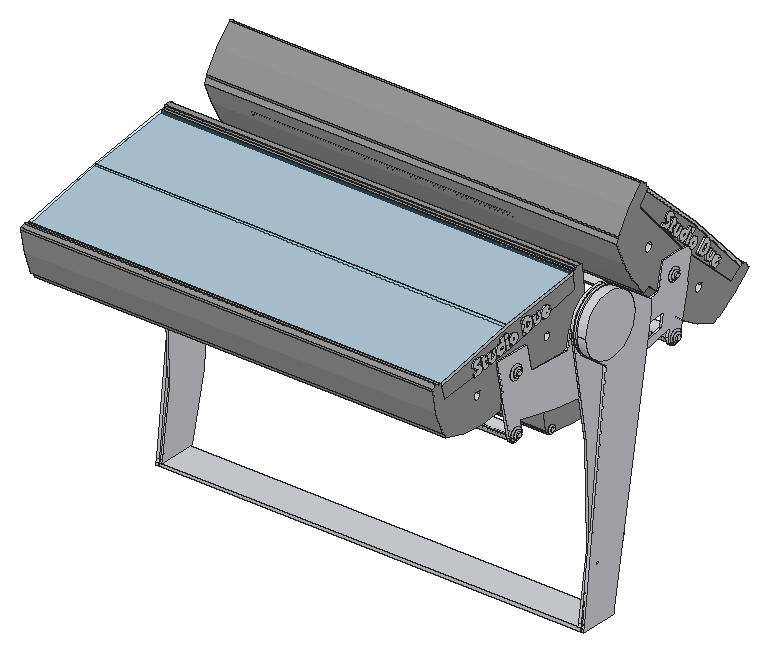
Revit family "STUDIO DUO LIGHT LOD 500", category Lighting Fixtures, host Face, Revit 2018
Family settings
  Host = Face
  Round Connector Dimension = Use Diameter
  Part Type = Normal
  OmniClass Number = 23.80.70.00
  OmniClass Title = Lighting
  Cut with Voids When Loaded = No
  Light Source = No
  Shared = No
  Room Calculation Point = No
Parameters (values of type "LFL4")
  Keynote = "16500"
  Default Elevation = 1219.2 mm
  Assembly Code = "D5020230"
Reference planes
  plane 1 "Center (Front/Back)": y = 0
  plane 2: z = 0
  plane 3 "Center (Left/Right)": x = 0
  plane 4: x = -308
  plane 5: x = 308
  plane 6: x = -294.5
  plane 7: x = 294.5
Forms (mm)
  Extrusion 1, solid
    sketch origin (0, 0, 0) x (0, 1, 0) y (0, 0, 1)
      loop
        circle (0.352, 372) r 41.5
    from 294.5 to 308
  Extrusion 2, solid
    sketch origin (0, 0, 0) x (0, 1, 0) y (0, 0, -1)
      loop
        circle (0.352, -372) r 41.5
    from 294.5 to 308
  Extrusion 3, solid
    sketch origin (0, 0, 0) x (0, 1, 0) y (0, 0, 1)
      loop
        arc (86.587, 343.437) -> (86.846, 347.109) -> (87.071, 350.782) r 392.505
        arc (87.071, 350.782) -> (87.267, 355.633) -> (87.306, 360.488) r 150
        arc (87.306, 360.488) -> (55.979, 384.356) -> (23.697, 406.915) r 957.033
        arc (23.697, 406.915) -> (-34.776, 395.024) -> (-22.35, 336.663) r 42.001
        arc (-22.35, 336.663) -> (-6.325, 325.233) -> (8.751, 312.578) r 250
        arc (8.751, 312.578) -> (-3.001, 159.717) -> (-26.426, 8.205) r 2000
        arc (-26.426, 8.205) -> (-27.011, 6.018) -> (-28.037, 4) r 10.834
        line (-28.037, 4) -> (-28.037, 0) -> (21.419, 0)
        arc (21.419, 0) -> (22.256, 0.762) -> (22.678, 1.813) r 2.538
        line (22.678, 1.813) -> (23.658, 8)
        arc (23.658, 8) -> (62.291, 174.374) -> (86.587, 343.437) r 2000
      loop
        circle (-5.054, 76.5) r 2.55
    from 290.325 to 294.5
  Extrusion 4, solid
    sketch origin (0, 0, 0) x (0, 1, 0) y (0, 0, -1)
      loop
        arc (86.587, -343.437) -> (62.291, -174.374) -> (23.658, -8) r 2000
        line (23.658, -8) -> (22.678, -1.813)
        arc (22.678, -1.813) -> (22.256, -0.762) -> (21.419, 0) r 2.538
        line (21.419, 0) -> (-28.037, 0) -> (-28.037, -4)
        arc (-28.037, -4) -> (-27.011, -6.018) -> (-26.426, -8.205) r 10.834
        arc (-26.426, -8.205) -> (-3.001, -159.717) -> (8.751, -312.578) r 2000
        arc (8.751, -312.578) -> (-6.325, -325.233) -> (-22.35, -336.663) r 250
        arc (-22.35, -336.663) -> (-34.776, -395.024) -> (23.697, -406.915) r 42.001
        arc (23.697, -406.915) -> (55.979, -384.356) -> (87.306, -360.488) r 957.033
        arc (87.306, -360.488) -> (87.267, -355.633) -> (87.071, -350.782) r 150
        arc (87.071, -350.782) -> (86.846, -347.109) -> (86.587, -343.437) r 392.505
      loop
        circle (-5.054, -76.5) r 2.55
    from 290.325 to 294.5
  Extrusion 5, solid
    sketch origin (0, 0, 0) x (0, 1, 0) y (0, 0, 1)
      loop
        arc (-40.443, 362.012) -> (-17.468, 228.255) -> (-13.386, 92.602) r 970
        line (-13.386, 92.602) -> (-26.42, 8.239)
        arc (-26.42, 8.239) -> (-27.004, 6.034) -> (-28.037, 4) r 10.834
        line (-28.037, 4) -> (23.168, 4.907) -> (44.987, 89.434)
        arc (44.987, 89.434) -> (56.373, 238.962) -> (39.211, 387.937) r 787.607
        arc (39.211, 387.937) -> (-12.646, 411.938) -> (-40.443, 362.012) r 42
    from 286.619 to 290.325
  Extrusion 6, solid
    sketch origin (0, 0, 0) x (0, 1, 0) y (0, 0, -1)
      loop
        arc (-40.443, -362.012) -> (-12.646, -411.938) -> (39.211, -387.937) r 42
        arc (39.211, -387.937) -> (56.373, -238.962) -> (44.987, -89.434) r 787.607
        line (44.987, -89.434) -> (23.168, -4.907) -> (-28.037, -4)
        arc (-28.037, -4) -> (-27.004, -6.034) -> (-26.42, -8.239) r 10.834
        line (-26.42, -8.239) -> (-13.386, -92.602)
        arc (-13.386, -92.602) -> (-17.468, -228.255) -> (-40.443, -362.012) r 970
    from 286.619 to 290.325
  Extrusion 7, solid
    sketch origin (0, 0, 0) x (0, 1, 0) y (0, 0, 1)
      loop
        arc (106.128, 354.676) -> (96.671, 354.147) -> (87.208, 353.716) r 913.81
        line (87.208, 353.716) -> (84.6, 324.547) -> (119.502, 328.044) -> (115.776, 310.381)
        arc (115.776, 310.381) -> (115.235, 309.382) -> (114.238, 308.838) r 2
        line (114.238, 308.838) -> (81.981, 301.913) -> (80.933, 293.436) -> (129.742, 303.915) -> (127.301, 292.345)
        arc (127.301, 292.345) -> (135.143, 280.31) -> (147.177, 288.152) r 10.157
        line (147.177, 288.152) -> (159.536, 346.733)
        arc (159.536, 346.733) -> (159.515, 347.663) -> (159.084, 348.487) r 2.039
        line (159.084, 348.487) -> (165.721, 379.944)
        arc (165.721, 379.944) -> (166.453, 384.117) -> (166.899, 388.33) r 62.057
        arc (166.899, 388.33) -> (166.373, 390.169) -> (164.704, 391.102) r 2.508
        arc (164.704, 391.102) -> (142.232, 392.437) -> (119.76, 391.102) r 189.816
        arc (119.76, 391.102) -> (118.448, 390.616) -> (117.648, 389.468) r 2.339
        arc (117.648, 389.468) -> (113.222, 373.765) -> (109.757, 357.822) r 268.681
        arc (109.757, 357.822) -> (108.493, 355.614) -> (106.128, 354.676) r 3.852
      loop
        line (-165.016, 379.944) -> (-158.38, 348.487)
        arc (-158.38, 348.487) -> (-158.811, 347.663) -> (-158.831, 346.733) r 2.039
        line (-158.831, 346.733) -> (-146.473, 288.152)
        arc (-146.473, 288.152) -> (-134.624, 280.432) -> (-126.903, 292.28) r 10
        line (-126.903, 292.28) -> (-129.373, 303.988) -> (-68.298, 290.875)
        arc (-68.298, 290.875) -> (-46.939, 287.631) -> (-25.433, 285.566) r 392.505
        line (-25.433, 285.566) -> (-32.34, 321.099) -> (-40.443, 362.012)
        arc (-40.443, 362.012) -> (-41.437, 369.118) -> (-41.624, 376.29) r 63.568
        line (-41.624, 376.29) -> (-46.678, 352.515)
        arc (-46.678, 352.515) -> (-76.039, 353.921) -> (-105.424, 354.657) r 1288.146
        arc (-105.424, 354.657) -> (-108.102, 355.766) -> (-109.211, 358.443) r 3.786
        arc (-109.211, 358.443) -> (-112.719, 374.045) -> (-116.943, 389.468) r 347.15
        arc (-116.943, 389.468) -> (-117.732, 390.643) -> (-119.049, 391.163) r 2.383
        arc (-119.049, 391.163) -> (-141.527, 392.287) -> (-164.006, 391.163) r 225.33
        arc (-164.006, 391.163) -> (-165.73, 390.199) -> (-166.204, 388.282) r 2.481
        arc (-166.204, 388.282) -> (-165.625, 384.111) -> (-165.016, 379.944) r 584.683
    from 283.375 to 286.619
  Extrusion 8, solid
    sketch origin (0, 0, 0) x (0, 1, 0) y (0, 0, -1)
      loop
        arc (106.128, -354.676) -> (108.493, -355.614) -> (109.757, -357.822) r 3.852
        arc (109.757, -357.822) -> (113.222, -373.765) -> (117.648, -389.468) r 268.681
        arc (117.648, -389.468) -> (118.448, -390.616) -> (119.76, -391.102) r 2.339
        arc (119.76, -391.102) -> (142.232, -392.437) -> (164.704, -391.102) r 189.816
        arc (164.704, -391.102) -> (166.373, -390.169) -> (166.899, -388.33) r 2.508
        arc (166.899, -388.33) -> (166.453, -384.117) -> (165.721, -379.944) r 62.057
        line (165.721, -379.944) -> (159.084, -348.487)
        arc (159.084, -348.487) -> (159.515, -347.663) -> (159.536, -346.733) r 2.039
        line (159.536, -346.733) -> (147.177, -288.152)
        arc (147.177, -288.152) -> (135.143, -280.31) -> (127.301, -292.345) r 10.157
        line (127.301, -292.345) -> (129.742, -303.915) -> (80.933, -293.436) -> (81.981, -301.913) -> (114.238, -308.838)
        arc (114.238, -308.838) -> (115.235, -309.382) -> (115.776, -310.381) r 2
        line (115.776, -310.381) -> (119.502, -328.044) -> (84.6, -324.547) -> (87.208, -353.716)
        arc (87.208, -353.716) -> (96.671, -354.147) -> (106.128, -354.676) r 913.81
      loop
        arc (-165.016, -379.944) -> (-165.625, -384.111) -> (-166.204, -388.282) r 584.683
        arc (-166.204, -388.282) -> (-165.73, -390.199) -> (-164.006, -391.163) r 2.481
        arc (-164.006, -391.163) -> (-141.527, -392.287) -> (-119.049, -391.163) r 225.33
        arc (-119.049, -391.163) -> (-117.732, -390.643) -> (-116.943, -389.468) r 2.383
        arc (-116.943, -389.468) -> (-112.719, -374.045) -> (-109.211, -358.443) r 347.15
        arc (-109.211, -358.443) -> (-108.102, -355.766) -> (-105.424, -354.657) r 3.786
        arc (-105.424, -354.657) -> (-76.039, -353.921) -> (-46.678, -352.515) r 1288.146
        line (-46.678, -352.515) -> (-41.624, -376.29)
        arc (-41.624, -376.29) -> (-41.437, -369.118) -> (-40.443, -362.012) r 63.568
        line (-40.443, -362.012) -> (-32.34, -321.099) -> (-25.433, -285.566)
        arc (-25.433, -285.566) -> (-46.939, -287.631) -> (-68.298, -290.875) r 392.505
        line (-68.298, -290.875) -> (-129.373, -303.988) -> (-126.903, -292.28)
        arc (-126.903, -292.28) -> (-134.624, -280.432) -> (-146.473, -288.152) r 10
        line (-146.473, -288.152) -> (-158.831, -346.733)
        arc (-158.831, -346.733) -> (-158.811, -347.663) -> (-158.38, -348.487) r 2.039
        line (-158.38, -348.487) -> (-165.016, -379.944)
    from 283.375 to 286.619
  Extrusion 9, solid
    sketch origin (0, 0, 0) x (0, 1, 0) y (0, 0, 1)
      loop
        circle (134.962, 368.02) r 8.8
      loop
        circle (-137.379, 366.847) r 9.5
      loop
        circle (-136.688, 290.216) r 8.8
      loop
        circle (137.393, 290.216) r 8.8
    from -287.959 to 288.296
  Extrusion 10, solid
    sketch origin (0, 0, 0) x (0, 1, 0) y (0, 0, 1)
      loop
        circle (134.962, 368.02) r 6.077
      loop
        circle (137.393, 290.216) r 6.077
      loop
        circle (-136.724, 366.901) r 6.077
      loop
        circle (-136.688, 290.216) r 6.077
    from -290.325 to 290.325
  Extrusion 11, solid
    sketch origin (0, 0, 0) x (0, 1, 0) y (0, 0, 1)
      loop
        circle (134.962, 368.02) r 3.5
      loop
        circle (137.393, 290.216) r 3.5
      loop
        circle (-136.724, 366.901) r 3.5
      loop
        circle (-136.688, 290.216) r 3.5
    from -292.148 to 291.661
  Extrusion 12, solid
    sketch origin (0, 0, 0) x (0, 1, 0) y (0, 0, 1)
      loop
        line (132.897, 370.118) -> (132.112, 367.28) -> (134.177, 365.182) -> (137.027, 365.921) -> (137.812, 368.759) -> (135.747, 370.858) -> (132.897, 370.118)
      loop
        line (-138.601, 369.17) -> (-139.627, 366.411) -> (-137.751, 364.142) -> (-134.848, 364.632) -> (-133.821, 367.392) -> (-135.697, 369.661) -> (-138.601, 369.17)
      loop
        line (138.865, 292.766) -> (135.921, 292.766) -> (134.448, 290.216) -> (135.921, 287.666) -> (138.865, 287.666) -> (140.337, 290.216) -> (138.865, 292.766)
      loop
        line (-138.16, 292.766) -> (-139.633, 290.216) -> (-138.16, 287.666) -> (-135.216, 287.666) -> (-133.744, 290.216) -> (-135.216, 292.766) -> (-138.16, 292.766)
    from -294.5 to 293.047
  Extrusion 13, solid
    sketch origin (0, 0, 0) x (0, 1, 0) y (0, 0, 1)
      loop
        arc (267.657, 315.217) -> (268.378, 316.085) -> (268.19, 317.197) r 1.352
        line (268.19, 317.197) -> (263.908, 323.486)
        arc (263.908, 323.486) -> (263.429, 323.861) -> (262.821, 323.889) r 1
        line (262.821, 323.889) -> (260.971, 323.39)
        arc (260.971, 323.39) -> (260.392, 323.417) -> (259.895, 323.714) r 1.187
        line (259.895, 323.714) -> (257.581, 326.027)
        arc (257.581, 326.027) -> (257.188, 326.366) -> (256.682, 326.252) r 0.576
        arc (256.682, 326.252) -> (255.844, 325.512) -> (255, 324.779) r 150.325
        arc (255, 324.779) -> (254.647, 324.548) -> (254.225, 324.542) r 0.76
        arc (254.225, 324.542) -> (247.175, 318.878) -> (239.797, 313.649) r 150
        arc (239.797, 313.649) -> (238.683, 313.257) -> (237.57, 313.649) r 1.775
        arc (237.57, 313.649) -> (195.459, 349.752) -> (155.651, 388.38) r 900
        arc (155.651, 388.38) -> (117.685, 428.78) -> (82.278, 471.44) r 900
        arc (82.278, 471.44) -> (81.925, 472.576) -> (82.278, 473.712) r 2.005
        arc (82.278, 473.712) -> (87.625, 481.006) -> (93.401, 487.964) r 150
        arc (93.401, 487.964) -> (93.403, 488.398) -> (93.692, 488.722) r 0.613
        line (93.692, 488.722) -> (95.529, 490.835) -> (92.197, 494.168) -> (92.886, 496.57)
        arc (92.886, 496.57) -> (92.868, 497.178) -> (92.5, 497.663) r 1
        line (92.5, 497.663) -> (86.281, 502.045)
        arc (86.281, 502.045) -> (85.172, 502.251) -> (84.293, 501.544) r 1.352
        arc (84.293, 501.544) -> (63.044, 478.339) -> (45.22, 452.411) r 226.203
        arc (45.22, 452.411) -> (45.799, 450.809) -> (46.389, 449.213) r 239.61
        arc (46.389, 449.213) -> (44.246, 446.052) -> (42.189, 442.835) r 140.095
        arc (42.189, 442.835) -> (60.82, 400.01) -> (89.334, 363.024) r 190
        line (89.334, 363.024) -> (96.64, 368.54)
        arc (96.64, 368.54) -> (98.347, 366.751) -> (100.072, 364.98) r 239.61
        line (100.072, 364.98) -> (142.323, 322.729) -> (136.335, 315.594)
        arc (136.335, 315.594) -> (170.01, 290.847) -> (208.281, 274.06) r 190
        arc (208.281, 274.06) -> (211.531, 276.065) -> (214.725, 278.157) r 140.095
        arc (214.725, 278.157) -> (216.312, 277.542) -> (217.904, 276.937) r 239.61
        arc (217.904, 276.937) -> (244.115, 294.343) -> (267.657, 315.217) r 226.203
    from -283.375 to 283.375
  Extrusion 14, solid
    sketch origin (0, 0, 0) x (0, 1, 0) y (0, 0, 1)
      loop
        arc (176.425, 408.823) -> (135.58, 449.094) -> (93.401, 487.964) r 1700
        arc (93.401, 487.964) -> (87.175, 480.427) -> (81.454, 472.5) r 150
        arc (81.454, 472.5) -> (117.241, 429.283) -> (155.651, 388.38) r 900
        arc (155.651, 388.38) -> (195.934, 349.319) -> (238.571, 312.844) r 900
        arc (238.571, 312.844) -> (246.589, 318.438) -> (254.225, 324.542) r 150
        arc (254.225, 324.542) -> (216.036, 367.339) -> (176.425, 408.823) r 1700
    from -283.375 to 283.375
  Extrusion 15, solid
    sketch origin (0, 0, 0) x (0, 1, 0) y (0, 0, 1)
      loop
        line (95.494, 490.795) -> (93.692, 488.722)
        arc (93.692, 488.722) -> (93.403, 488.398) -> (93.401, 487.964) r 0.613
        arc (93.401, 487.964) -> (135.58, 449.094) -> (176.425, 408.823) r 1700
        arc (176.425, 408.823) -> (216.036, 367.339) -> (254.225, 324.542) r 1700
        arc (254.225, 324.542) -> (254.69, 324.408) -> (255, 324.779) r 0.443
        arc (255, 324.779) -> (256.042, 325.687) -> (257.077, 326.604) r 150.325
        arc (257.077, 326.604) -> (218.699, 369.588) -> (178.919, 411.278) r 1739.293
        arc (178.919, 411.278) -> (137.865, 451.728) -> (95.494, 490.795) r 1739.293
    from -283.375 to 283.375
  Extrusion 16, solid
    sketch origin (569.994, -229.314, 229.314) x (0, 0, 1) y (0, 1, 0)
      loop
        line (214.288, 363.738) -> (211.165, 366.912) -> (207.979, 363.777) -> (211.572, 360.126)
        arc (211.572, 360.126) -> (211.742, 358.62) -> (210.321, 358.094) r 1.229
        line (210.321, 358.094) -> (206.2, 359.166)
        arc (206.2, 359.166) -> (199.438, 355.852) -> (201.698, 348.67) r 5.776
        line (201.698, 348.67) -> (205.668, 344.635) -> (208.993, 347.907) -> (204.374, 352.602)
        arc (204.374, 352.602) -> (204.381, 354.429) -> (206.208, 354.436) r 1.297
        line (206.208, 354.436) -> (210.456, 353.352)
        arc (210.456, 353.352) -> (217.053, 356.818) -> (214.288, 363.738) r 5.565
      loop
        line (207.202, 367.613) -> (204.158, 370.706) -> (201.751, 368.337) -> (199.348, 370.779) -> (196.465, 367.941) -> (198.868, 365.5) -> (195.85, 362.53)
        arc (195.85, 362.53) -> (194.815, 362.096) -> (193.78, 362.53) r 1.452
        line (193.78, 362.53) -> (192.395, 363.937) -> (189.489, 361.076) -> (190.621, 359.925)
        arc (190.621, 359.925) -> (194.726, 357.614) -> (199.016, 359.558) r 5.21
        line (199.016, 359.558) -> (207.202, 367.613)
      loop
        line (192.953, 367.277) -> (197.953, 372.198) -> (194.92, 375.279) -> (189.432, 369.878)
        arc (189.432, 369.878) -> (186.594, 369.889) -> (186.583, 372.727) r 2.015
        line (186.583, 372.727) -> (192.094, 378.151) -> (189.05, 381.244) -> (183.978, 376.252)
        arc (183.978, 376.252) -> (183.465, 366.764) -> (192.953, 367.277) r 6.383
      loop
        line (182.112, 396.434) -> (173.927, 388.378)
        arc (173.927, 388.378) -> (178.583, 375.412) -> (181.579, 388.859) r 7.172
        line (181.579, 388.859) -> (178.346, 385.678)
        arc (178.346, 385.678) -> (179.366, 381.063) -> (176.378, 384.725) r 2.429
        line (176.378, 384.725) -> (185.145, 393.353) -> (182.112, 396.434)
      loop
        line (166.489, 384.447) -> (176.349, 394.15) -> (173.248, 397.301) -> (163.442, 387.494) -> (166.489, 384.447)
      loop
        line (145.161, 406.12) -> (159.09, 419.828)
        arc (159.09, 419.828) -> (144.029, 426.268) -> (141.213, 410.131) r 10.447
        line (141.213, 410.131) -> (144.562, 413.427)
        arc (144.562, 413.427) -> (144.812, 421.03) -> (152.355, 420.043) r 5.136
        line (152.355, 420.043) -> (141.74, 409.597) -> (145.161, 406.12)
      loop
        line (137.663, 423.46) -> (142.663, 428.381) -> (139.631, 431.462) -> (134.143, 426.061)
        arc (134.143, 426.061) -> (131.305, 426.072) -> (131.293, 428.91) r 2.015
        line (131.293, 428.91) -> (136.805, 434.334) -> (133.761, 437.427) -> (128.689, 432.435)
        arc (128.689, 432.435) -> (128.653, 423.424) -> (137.663, 423.46) r 6.346
      loop
        line (124.503, 438.112) -> (123.754, 442.479)
        arc (123.754, 442.479) -> (122.787, 436.017) -> (119.614, 441.728) r 3.451
        line (119.614, 441.728) -> (116.098, 442.978)
        arc (116.098, 442.978) -> (126.056, 431.739) -> (120.064, 445.507) r 7.602
        line (120.064, 445.507) -> (121.511, 437.525) -> (124.503, 438.112)
      loop
        circle (177.61, 398.534) r 2.727
      loop
        circle (162.094, 398.868) r 2.285
      loop
        circle (162.094, 398.868) r 6.983
    from 283.375 to 286.619
  Extrusion 17, solid
    sketch origin (0, 0, 0) x (0, 1, 0) y (0, 0, -1)
      loop
        arc (214.288, -363.738) -> (217.053, -356.818) -> (210.456, -353.352) r 5.565
        line (210.456, -353.352) -> (206.208, -354.436)
        arc (206.208, -354.436) -> (204.381, -354.429) -> (204.374, -352.602) r 1.297
        line (204.374, -352.602) -> (208.993, -347.907) -> (205.668, -344.635) -> (201.698, -348.67)
        arc (201.698, -348.67) -> (199.438, -355.852) -> (206.2, -359.166) r 5.776
        line (206.2, -359.166) -> (210.321, -358.094)
        arc (210.321, -358.094) -> (211.742, -358.62) -> (211.572, -360.126) r 1.229
        line (211.572, -360.126) -> (207.979, -363.777) -> (211.165, -366.912) -> (214.288, -363.738)
      loop
        line (207.202, -367.613) -> (199.016, -359.558)
        arc (199.016, -359.558) -> (194.726, -357.614) -> (190.621, -359.925) r 5.21
        line (190.621, -359.925) -> (189.489, -361.076) -> (192.395, -363.937) -> (193.78, -362.53)
        arc (193.78, -362.53) -> (194.815, -362.096) -> (195.85, -362.53) r 1.452
        line (195.85, -362.53) -> (198.868, -365.5) -> (196.465, -367.941) -> (199.348, -370.779) -> (201.751, -368.337) -> (204.158, -370.706) -> (207.202, -367.613)
      loop
        arc (192.953, -367.277) -> (183.465, -366.764) -> (183.978, -376.252) r 6.383
        line (183.978, -376.252) -> (189.05, -381.244) -> (192.094, -378.151) -> (186.583, -372.727)
        arc (186.583, -372.727) -> (186.594, -369.889) -> (189.432, -369.878) r 2.015
        line (189.432, -369.878) -> (194.92, -375.279) -> (197.953, -372.198) -> (192.953, -367.277)
      loop
        line (182.112, -396.434) -> (185.145, -393.353) -> (176.378, -384.725)
        arc (176.378, -384.725) -> (179.366, -381.063) -> (178.346, -385.678) r 2.429
        line (178.346, -385.678) -> (181.579, -388.859)
        arc (181.579, -388.859) -> (178.583, -375.412) -> (173.927, -388.378) r 7.172
        line (173.927, -388.378) -> (182.112, -396.434)
      loop
        line (166.489, -384.447) -> (163.442, -387.494) -> (173.248, -397.301) -> (176.349, -394.15) -> (166.489, -384.447)
      loop
        line (145.161, -406.12) -> (141.74, -409.597) -> (152.355, -420.043)
        arc (152.355, -420.043) -> (144.812, -421.03) -> (144.562, -413.427) r 5.136
        line (144.562, -413.427) -> (141.213, -410.131)
        arc (141.213, -410.131) -> (144.029, -426.268) -> (159.09, -419.828) r 10.447
        line (159.09, -419.828) -> (145.161, -406.12)
      loop
        arc (137.663, -423.46) -> (128.653, -423.424) -> (128.689, -432.435) r 6.346
        line (128.689, -432.435) -> (133.761, -437.427) -> (136.805, -434.334) -> (131.293, -428.91)
        arc (131.293, -428.91) -> (131.305, -426.072) -> (134.143, -426.061) r 2.015
        line (134.143, -426.061) -> (139.631, -431.462) -> (142.663, -428.381) -> (137.663, -423.46)
      loop
        line (124.503, -438.112) -> (121.511, -437.525) -> (120.064, -445.507)
        arc (120.064, -445.507) -> (126.056, -431.739) -> (116.098, -442.978) r 7.602
        line (116.098, -442.978) -> (119.614, -441.728)
        arc (119.614, -441.728) -> (122.787, -436.017) -> (123.754, -442.479) r 3.451
        line (123.754, -442.479) -> (124.503, -438.112)
      loop
        circle (177.61, -398.534) r 2.727
      loop
        circle (162.094, -398.868) r 2.285
      loop
        circle (162.094, -398.868) r 6.983
    from 283.375 to 286.619
  Extrusion 18, solid
    sketch origin (0, 87.523, 45.236) x (0, 0.573386, 0.819285) y (0, -0.819285, 0.573386)
      loop
        arc (267.657, 315.217) -> (268.378, 316.085) -> (268.19, 317.197) r 1.352
        line (268.19, 317.197) -> (263.908, 323.486)
        arc (263.908, 323.486) -> (263.429, 323.861) -> (262.821, 323.889) r 1
        line (262.821, 323.889) -> (260.971, 323.39)
        arc (260.971, 323.39) -> (260.392, 323.417) -> (259.895, 323.714) r 1.187
        line (259.895, 323.714) -> (257.581, 326.027)
        arc (257.581, 326.027) -> (257.188, 326.366) -> (256.682, 326.252) r 0.576
        arc (256.682, 326.252) -> (255.844, 325.512) -> (255, 324.779) r 150.325
        arc (255, 324.779) -> (254.647, 324.548) -> (254.225, 324.542) r 0.76
        arc (254.225, 324.542) -> (247.175, 318.878) -> (239.797, 313.649) r 150
        arc (239.797, 313.649) -> (238.683, 313.257) -> (237.57, 313.649) r 1.775
        arc (237.57, 313.649) -> (195.459, 349.752) -> (155.651, 388.38) r 900
        arc (155.651, 388.38) -> (117.685, 428.78) -> (82.278, 471.44) r 900
        arc (82.278, 471.44) -> (81.925, 472.576) -> (82.278, 473.712) r 2.005
        arc (82.278, 473.712) -> (87.625, 481.006) -> (93.401, 487.964) r 150
        arc (93.401, 487.964) -> (93.403, 488.398) -> (93.692, 488.722) r 0.613
        line (93.692, 488.722) -> (95.529, 490.835) -> (92.197, 494.168) -> (92.886, 496.57)
        arc (92.886, 496.57) -> (92.868, 497.178) -> (92.5, 497.663) r 1
        line (92.5, 497.663) -> (86.281, 502.045)
        arc (86.281, 502.045) -> (85.172, 502.251) -> (84.293, 501.544) r 1.352
        arc (84.293, 501.544) -> (63.044, 478.339) -> (45.22, 452.411) r 226.203
        arc (45.22, 452.411) -> (45.799, 450.809) -> (46.389, 449.213) r 239.61
        arc (46.389, 449.213) -> (44.246, 446.052) -> (42.189, 442.835) r 140.095
        arc (42.189, 442.835) -> (60.82, 400.01) -> (89.334, 363.024) r 190
        line (89.334, 363.024) -> (96.64, 368.54)
        arc (96.64, 368.54) -> (98.347, 366.751) -> (100.072, 364.98) r 239.61
        line (100.072, 364.98) -> (142.323, 322.729) -> (136.335, 315.594)
        arc (136.335, 315.594) -> (170.01, 290.847) -> (208.281, 274.06) r 190
        arc (208.281, 274.06) -> (211.531, 276.065) -> (214.725, 278.157) r 140.095
        arc (214.725, 278.157) -> (216.312, 277.542) -> (217.904, 276.937) r 239.61
        arc (217.904, 276.937) -> (244.115, 294.343) -> (267.657, 315.217) r 226.203
    from -283.375 to 283.375
  Extrusion 19, solid
    sketch origin (0, 0, 0) x (0, 1, 0) y (0, 0, 1)
      loop
        arc (-146.416, 424.261) -> (-202.755, 413.867) -> (-258.712, 401.58) r 1700
        arc (-258.712, 401.58) -> (-256.104, 392.142) -> (-252.885, 382.895) r 150
        arc (-252.885, 382.895) -> (-196.958, 387.434) -> (-141.423, 395.451) r 900
        arc (-141.423, 395.451) -> (-86.324, 406.056) -> (-31.992, 420.074) r 900
        arc (-31.992, 420.074) -> (-31.98, 429.929) -> (-32.616, 439.763) r 150
        arc (-32.616, 439.763) -> (-89.647, 432.974) -> (-146.416, 424.261) r 1700
    from -283.375 to 283.375
  Extrusion 20, solid
    sketch origin (0, 0, 0) x (0, 1, 0) y (0, 0, 1)
      loop
        arc (-146.999, 427.711) -> (-203.604, 417.248) -> (-259.831, 404.918) r 1739.293
        line (-259.831, 404.918) -> (-258.982, 401.516)
        arc (-258.982, 401.516) -> (-202.891, 413.84) -> (-146.416, 424.261) r 1700
        arc (-146.416, 424.261) -> (-89.56, 432.985) -> (-32.442, 439.781) r 1700
        arc (-32.442, 439.781) -> (-32.622, 441.525) -> (-32.822, 443.266) r 150.325
        arc (-32.822, 443.266) -> (-90.039, 436.435) -> (-146.999, 427.711) r 1739.293
    from -283.375 to 283.375
  Extrusion 21, solid
    sketch origin (0, 87.606, 45.453) x (0, 0.572871, 0.819645) y (0, 0.819645, -0.572871)
      loop
        arc (214.288, -363.738) -> (217.053, -356.818) -> (210.456, -353.352) r 5.565
        line (210.456, -353.352) -> (206.208, -354.436)
        arc (206.208, -354.436) -> (204.381, -354.429) -> (204.374, -352.602) r 1.297
        line (204.374, -352.602) -> (208.993, -347.907) -> (205.668, -344.635) -> (201.698, -348.67)
        arc (201.698, -348.67) -> (199.438, -355.852) -> (206.2, -359.166) r 5.776
        line (206.2, -359.166) -> (210.321, -358.094)
        arc (210.321, -358.094) -> (211.742, -358.62) -> (211.572, -360.126) r 1.229
        line (211.572, -360.126) -> (207.979, -363.777) -> (211.165, -366.912) -> (214.288, -363.738)
      loop
        line (207.202, -367.613) -> (199.016, -359.558)
        arc (199.016, -359.558) -> (194.726, -357.614) -> (190.621, -359.925) r 5.21
        line (190.621, -359.925) -> (189.489, -361.076) -> (192.395, -363.937) -> (193.78, -362.53)
        arc (193.78, -362.53) -> (194.815, -362.096) -> (195.85, -362.53) r 1.452
        line (195.85, -362.53) -> (198.868, -365.5) -> (196.465, -367.941) -> (199.348, -370.779) -> (201.751, -368.337) -> (204.158, -370.706) -> (207.202, -367.613)
      loop
        arc (192.953, -367.277) -> (183.465, -366.764) -> (183.978, -376.252) r 6.383
        line (183.978, -376.252) -> (189.05, -381.244) -> (192.094, -378.151) -> (186.583, -372.727)
        arc (186.583, -372.727) -> (186.594, -369.889) -> (189.432, -369.878) r 2.015
        line (189.432, -369.878) -> (194.92, -375.279) -> (197.953, -372.198) -> (192.953, -367.277)
      loop
        line (182.112, -396.434) -> (185.145, -393.353) -> (176.378, -384.725)
        arc (176.378, -384.725) -> (179.366, -381.063) -> (178.346, -385.678) r 2.429
        line (178.346, -385.678) -> (181.579, -388.859)
        arc (181.579, -388.859) -> (178.583, -375.412) -> (173.927, -388.378) r 7.172
        line (173.927, -388.378) -> (182.112, -396.434)
      loop
        line (166.489, -384.447) -> (163.442, -387.494) -> (173.248, -397.301) -> (176.349, -394.15) -> (166.489, -384.447)
      loop
        line (145.161, -406.12) -> (141.74, -409.597) -> (152.355, -420.043)
        arc (152.355, -420.043) -> (144.812, -421.03) -> (144.562, -413.427) r 5.136
        line (144.562, -413.427) -> (141.213, -410.131)
        arc (141.213, -410.131) -> (144.029, -426.268) -> (159.09, -419.828) r 10.447
        line (159.09, -419.828) -> (145.161, -406.12)
      loop
        arc (137.663, -423.46) -> (128.653, -423.424) -> (128.689, -432.435) r 6.346
        line (128.689, -432.435) -> (133.761, -437.427) -> (136.805, -434.334) -> (131.293, -428.91)
        arc (131.293, -428.91) -> (131.305, -426.072) -> (134.143, -426.061) r 2.015
        line (134.143, -426.061) -> (139.631, -431.462) -> (142.663, -428.381) -> (137.663, -423.46)
      loop
        line (124.503, -438.112) -> (121.511, -437.525) -> (120.064, -445.507)
        arc (120.064, -445.507) -> (126.056, -431.739) -> (116.098, -442.978) r 7.602
        line (116.098, -442.978) -> (119.614, -441.728)
        arc (119.614, -441.728) -> (122.787, -436.017) -> (123.754, -442.479) r 3.451
        line (123.754, -442.479) -> (124.503, -438.112)
      loop
        circle (177.61, -398.534) r 2.727
      loop
        circle (162.094, -398.868) r 2.285
      loop
        circle (162.094, -398.868) r 6.983
    from 283.375 to 286.619
  Extrusion 22, solid
    sketch origin (569.994, -239.011, -10.618) x (0, -0.813434, 0.581657) y (0, 0.581657, 0.813434)
      loop
        line (214.288, 363.738) -> (211.165, 366.912) -> (207.979, 363.777) -> (211.572, 360.126)
        arc (211.572, 360.126) -> (211.742, 358.62) -> (210.321, 358.094) r 1.229
        line (210.321, 358.094) -> (206.2, 359.166)
        arc (206.2, 359.166) -> (199.438, 355.852) -> (201.698, 348.67) r 5.776
        line (201.698, 348.67) -> (205.668, 344.635) -> (208.993, 347.907) -> (204.374, 352.602)
        arc (204.374, 352.602) -> (204.381, 354.429) -> (206.208, 354.436) r 1.297
        line (206.208, 354.436) -> (210.456, 353.352)
        arc (210.456, 353.352) -> (217.053, 356.818) -> (214.288, 363.738) r 5.565
      loop
        line (207.202, 367.613) -> (204.158, 370.706) -> (201.751, 368.337) -> (199.348, 370.779) -> (196.465, 367.941) -> (198.868, 365.5) -> (195.85, 362.53)
        arc (195.85, 362.53) -> (194.815, 362.096) -> (193.78, 362.53) r 1.452
        line (193.78, 362.53) -> (192.395, 363.937) -> (189.489, 361.076) -> (190.621, 359.925)
        arc (190.621, 359.925) -> (194.726, 357.614) -> (199.016, 359.558) r 5.21
        line (199.016, 359.558) -> (207.202, 367.613)
      loop
        line (192.953, 367.277) -> (197.953, 372.198) -> (194.92, 375.279) -> (189.432, 369.878)
        arc (189.432, 369.878) -> (186.594, 369.889) -> (186.583, 372.727) r 2.015
        line (186.583, 372.727) -> (192.094, 378.151) -> (189.05, 381.244) -> (183.978, 376.252)
        arc (183.978, 376.252) -> (183.465, 366.764) -> (192.953, 367.277) r 6.383
      loop
        line (182.112, 396.434) -> (173.927, 388.378)
        arc (173.927, 388.378) -> (178.583, 375.412) -> (181.579, 388.859) r 7.172
        line (181.579, 388.859) -> (178.346, 385.678)
        arc (178.346, 385.678) -> (179.366, 381.063) -> (176.378, 384.725) r 2.429
        line (176.378, 384.725) -> (185.145, 393.353) -> (182.112, 396.434)
      loop
        line (166.489, 384.447) -> (176.349, 394.15) -> (173.248, 397.301) -> (163.442, 387.494) -> (166.489, 384.447)
      loop
        line (145.161, 406.12) -> (159.09, 419.828)
        arc (159.09, 419.828) -> (144.029, 426.268) -> (141.213, 410.131) r 10.447
        line (141.213, 410.131) -> (144.562, 413.427)
        arc (144.562, 413.427) -> (144.812, 421.03) -> (152.355, 420.043) r 5.136
        line (152.355, 420.043) -> (141.74, 409.597) -> (145.161, 406.12)
      loop
        line (137.663, 423.46) -> (142.663, 428.381) -> (139.631, 431.462) -> (134.143, 426.061)
        arc (134.143, 426.061) -> (131.305, 426.072) -> (131.293, 428.91) r 2.015
        line (131.293, 428.91) -> (136.805, 434.334) -> (133.761, 437.427) -> (128.689, 432.435)
        arc (128.689, 432.435) -> (128.653, 423.424) -> (137.663, 423.46) r 6.346
      loop
        line (124.503, 438.112) -> (123.754, 442.479)
        arc (123.754, 442.479) -> (122.787, 436.017) -> (119.614, 441.728) r 3.451
        line (119.614, 441.728) -> (116.098, 442.978)
        arc (116.098, 442.978) -> (126.056, 431.739) -> (120.064, 445.507) r 7.602
        line (120.064, 445.507) -> (121.511, 437.525) -> (124.503, 438.112)
      loop
        circle (177.61, 398.534) r 2.727
      loop
        circle (162.094, 398.868) r 2.285
      loop
        circle (162.094, 398.868) r 6.983
    from 283.375 to 286.619
  Extrusion 23, solid
    sketch origin (0, 0, 0) x (0, 1, 0) y (0, 0, 1)
      loop
        line (-78.436, 292.84) -> (-71.851, 260.93)
        arc (-71.851, 260.93) -> (-70.543, 258.258) -> (-68.108, 256.547) r 5.975
        arc (-68.108, 256.547) -> (-25.446, 251.33) -> (17.528, 250.647) r 406.341
        arc (17.528, 250.647) -> (22.299, 252.623) -> (24.275, 257.394) r 6.747
        line (24.275, 257.394) -> (34.716, 286.079)
        arc (34.716, 286.079) -> (-22.106, 285.353) -> (-78.436, 292.84) r 392.505
    from -277.331 to 277.616
  Extrusion 24, solid
    sketch origin (0, 0, 0) x (0, 1, 0) y (0, 0, 1)
      loop
        circle (-65.448, 262.171) r 4.95
    from -279.943 to 279.914
  Extrusion 25, solid
    sketch origin (0, 0, 0) x (0, 1, 0) y (0, 0, 1)
      loop
        line (-62.848, 263.672) -> (-65.448, 265.173) -> (-68.048, 263.672) -> (-68.048, 260.67) -> (-65.448, 259.169) -> (-62.848, 260.67) -> (-62.848, 263.672)
    from -282.484 to 281.674
  Revolve 26, solid
    sketch origin (0, 3.001, -5.482) x (0, 1, 0) y (0, 0, 1)
      loop
        line (-90.914, 287.196) -> (-90.121, 278.434) -> (-75.825, 280.19) -> (-78.697, 294.106) -> (-87.425, 293.034) -> (-86.93, 287.556) -> (-90.914, 287.196)
      axis (-75.825, 280.19) -> (-90.121, 278.434)
    angle from 0 to 360
  Extrusion 27, void
    sketch origin (0, 0, 0) x (0, 1, 0) y (0, 0, 1)
      loop
        circle (182.533, 329.316) r 6.088
      loop
        circle (96.95, 416.738) r 6.462
      loop
        circle (-198.213, 362.981) r 5.659
      loop
        circle (-77.858, 383.535) r 5.529
    from -363.631 to 381.231
  Extrusion 28, solid
    sketch origin (0, 0, 0) x (1, 0, 0) y (0, 0, 1)
      loop
        line (-290.325, 4) -> (-290.325, 0) -> (290.325, 0) -> (290.325, 4) -> (-290.325, 4)
    from -21.419 to 28.037
Cuts and joins
  Extrusion 27 cuts Extrusion 13
  Extrusion 27 cuts Extrusion 18
Dimensions and locks
  aligned and locked: plane 2 to host face
  aligned and locked: level to host face
